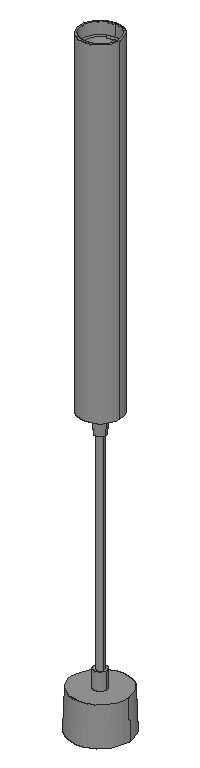
Revit family "6187", category Lighting Fixtures, host Face, Revit 2018
Family settings
  Host = Face
  Round Connector Dimension = Use Diameter
  Part Type = Normal
  OmniClass Number = 23.80.70.00
  OmniClass Title = Lighting
  Cut with Voids When Loaded = No
  Light Source = Yes
  Shared = No
  Room Calculation Point = No
Parameters (values of type "0006187 PIXO MINI PENDANT 520LM 930 MB WHT")
  spacer height = 5.965 mm
  spacer centres = 1000 mm
  cutout width = 300 mm
  Width = 296 mm
  Weight = "n/a"
  Wattage Comments = ""
  Wattage = 9.2903 W
  WarrantyStartDate [instance] = "n/a"
  WarrantyGuarantorParts = "n/a"
  WarrantyDurationUnit = "n/a"
  WarrantyDurationParts = ""
  WarrantyDescription = "http://www.sylvania-lighting.com"
  built-in parameter 1150110 = 1 (stored number, unit not read)
  Voltage = 0 V
  URL = "0.5"
  TypeName = "Pixo Mini PENDANT 520lm 930 MB WHITE"
  Type Image = <None>
  Type Comments = "n/a"
  built-in parameter 1114217 = 1 (stored number, unit not read)
  Tilt Angle = 90.00°
  built-in parameter 1150109 = 1 (stored number, unit not read)
  built-in parameter 1150134 = 3
  built-in parameter 1150113 = 1 (stored number, unit not read)
  SerialNumber [instance] = "n/a"
  Photometric Web File = "0006187.ies"
  Material_3_FEILO = none
  PowerFactor = 0
  PowerConsumption = "Lighting"
  NominalLength = 60 mm
  NominalHeight = 0 mm
  NominalDepth = 0 mm
  Name = "Pixo Mini PENDANT 520lm 930 MB WHITE"
  ModelReference = Name  # "Pixo Mini PENDANT 520lm 930 MB WHITE"
  ModelNumber = "0006187"
  Model = Name  # "Pixo Mini PENDANT 520lm 930 MB WHITE"
  Material = "Feilo Sylvania"
  ManufacturerName = "80 lm/W"
  Manufacturer = ""
  LuminousEfficacy = ""
  built-in parameter 1150105 = 109.82 (stored number, unit not read)
  Lumens = 1380 lm
  LuminaireType = "0"
  built-in parameter 1150115 = 1 (stored number, unit not read)
  LightOutputRatio = "LED"
  built-in parameter 1150137 = (empty or 0)
  built-in parameter 1150139 = (empty or 0)
  Length = 1196 mm
  LampsType = Lamp  # "n/a"
  LampNominalLuminous = "3000 K"
  LampMacAdamStep = "90"
  LampColourTemperature = "LED"
  LampColourRenderingIndex = "16500"
  built-in parameter 1150112 = 1 (stored number, unit not read)
  built-in parameter 1150114 = 1 (stored number, unit not read)
  Lamp = "n/a"
  Keynote = "n/a"
  InstallationDate [instance] = "n/a"
  InputVoltage = "0"
  InputNominalFrequency = "3000"
  built-in parameter 1150132 = (empty or 0)
  built-in parameter 1150102 = (empty or 0)
  built-in parameter 1150107 = 3200 (stored number, unit not read)
  built-in parameter 1150138 = (empty or 0)
  IngressProtection = "IfcLightFixtureType"
  ImpactProtectionIndex = "IfcLightFixtureType"
  built-in parameter 1150106 = 1.0982 (stored number, unit not read)
  IfcExportType = "IfcLightFixtureType"
  IfcExportAs = "Class I"
  Height = 51.031 mm
  ExpectedLife = 50000
  Emit from Circle Diameter = 609.6 mm
  Emit Shape Visible in Rendering = no
  ElectricShockClassification = "80"
  built-in parameter 1150104 = 13.8 (stored number, unit not read)
  DurationUnit = "hours"
  DocumentationLiterature = "http://www.sylvania-lighting.com/product/en-int/products/0006187"
  DimmingControlOptions = "n/a"
  Material_2_FEILO = none
  Dimming Lamp Color Temperature Shift = <None>
  Description = "Integrated LED pendant, Textured White - RAL9016, simple and slick integral design with no driver box and without any visible screws, ideal for retail applications, die-cast aluminium body, passive cooling heatsink. Beam angle: 40°, color temperature: 3000K , total system power: 6.5W, total fixture output: 520 lm, LOR: 100%, colour rendering: Ra: 90 typical, IR/UV free light source without heat radiation, operating voltage: 220-240V / 50-60Hz, electronic driver, non-dimmable, low LED flickerering rate (6%-20%), power factor: >0.90, electrical protection: Class I, Surface mounting ceiling rose, ingress protection rating: IP20, suitable for internal environment only, horizontal rotation: 345°, vertical tilt: 90°, dimensions: Ø41.5x350, weight: 0.469kg."
  Default Elevation = 1219.2 mm
  Cutout = 1200 mm
  CreatedOn = "06/01/2022"
  CreatedBy = "@sylvania-lighting.com"
  Cost = 0
  Color Filter = 16777215
  built-in parameter 1114216 [instance] = (empty or 0)
  ClassificationValue = "EF_70_80"
  ClassificationName = "Uniclass2015"
  Material_1_FEILO = none
  BarCode [instance] = "n/a"
  built-in parameter 1114218 = 1 (stored number, unit not read)
  built-in parameter 1150133 = 10 (stored number, unit not read)
  AssetType = "Fixed"
  AssetIdentifier [instance] = "n/a"
  Assembly Code = "D5020200"
  Apparent Load = 6.5 VA
  Material_4_FEILO = none
Reference planes
  plane 1 "Center (Front/Back)": y = 0
  plane 2: z = 0
  plane 3 "Center (Left/Right)": x = 0
  plane 4: z = 0
  plane 5: z = 51.031
  plane 6: y = 148
  plane 7: y = -148
  plane 8: x = -598
  plane 9: x = 598
  plane 10: z = 5.965
  plane 11: x = -600
  plane 12: x = 600
  plane 13: y = 150
  plane 14: y = -150
  plane 15: x = -30
  plane 16: x = 30
  plane 17: y = 30
  plane 18: y = -30
  plane 19: y = 29
  plane 20: y = -29
  plane 21: x = -29
  plane 22: x = 29
Forms (mm)
  Blend 1, solid, material "Aluminum", detail levels medium+fine
    base sketch origin (0, 0, 0) x (1, 0, 0) y (0, 1, 0)
      loop
        circle (0, 0) r 30
    top sketch origin (0, 0, 0) x (1, 0, 0) y (0, 1, 0)
      loop
        circle (0, 0) r 29
    from 0 to 40
  Extrusion 2, solid, material "Aluminum", detail levels medium+fine
    sketch origin (4.2, 0, 0) x (1, 0, 0) y (0, 1, 0)
      loop
        circle (-4.2, 0) r 6.5
    from 40 to 57
  Extrusion 3, solid, material "Aluminum", detail levels medium+fine
    sketch origin (4.2, 0, 0) x (1, 0, 0) y (0, 1, 0)
      loop
        circle (-4.2, 0) r 3.5
    from 57 to 275
  Blend 4, solid, material "Aluminum", detail levels medium+fine
    base sketch origin (4.2, 0, 0) x (1, 0, 0) y (0, 1, 0)
      loop
        circle (-4.2, 0) r 5.5
    top sketch origin (4.2, 0, 0) x (1, 0, 0) y (0, 1, 0)
      loop
        circle (-4.2, 0) r 7.5
    from 275 to 295
  Extrusion 5, solid, material "Aluminum", detail levels medium+fine
    sketch origin (4.2, 0, 0) x (1, 0, 0) y (0, 1, 0)
      loop
        circle (-4.2, 0) r 20.5
    from 295 to 645
  Extrusion 6, void
    sketch origin (4.2, 0, 0) x (0, 1, 0) y (1, 0, 0)
      loop
        circle (0, -4.2) r 19
    from -645 to -633
  Blend 7, void
    base sketch origin (4.2, 0, 0) x (0, 1, 0) y (-1, 0, 0)
      loop
        circle (0, 4.2) r 16.5
    top sketch origin (4.2, 0, 0) x (0, 1, 0) y (-1, 0, 0)
      loop
        circle (0, 4.2) r 5.5
    from 636.255 to 606.255
  Blend 8, solid, material "Glass, White, High Luminance", detail levels fine
    base sketch origin (4.2, 0, 0) x (1, 0, 0) y (0, 1, 0)
      loop
        circle (-4.2, 0) r 5.5
    top sketch origin (4.2, 0, 0) x (1, 0, 0) y (0, 1, 0)
      loop
        circle (-4.2, 0) r 5.5
    from 607.057 to 609.057
  Extrusion 9, solid, detail levels coarse
    sketch origin (4.2, 0, 0) x (1, 0, 0) y (0, 1, 0)
      loop
        line (-34.2, 30) -> (-34.2, -30) -> (25.8, -30) -> (25.8, 30) -> (-34.2, 30)
    from 0 to 645
Cuts and joins
  Extrusion 6, Blend 7 cuts Blend 1
  Extrusion 6, Blend 7 cuts Extrusion 5
Dimensions and locks
  "Width": plane 6 to plane 7
  equal spacing: plane 6, plane 1 "Center (Front/Back)", plane 7
  "Length": plane 8 to plane 9
  equal spacing: plane 8, plane 3 "Center (Left/Right)", plane 9
  "spacer height": plane 10 to host face
  "Height": plane 5 to level
  "Cutout": plane 11 to plane 12
  equal spacing: plane 11, plane 3 "Center (Left/Right)", plane 12
  "cutout width": plane 13 to plane 14
  equal spacing: plane 13, plane 1 "Center (Front/Back)", plane 14
  aligned and locked: plane 2 to host face
  aligned and locked: level to host face
Automatic sketch dimensions
  host sketch curve to host sketch curve = 2438.4 mm  (x2)
  plane 1 "Center (Front/Back)" to Blend 1 sketch curve = 0 mm  (x2)
  Blend 1 sketch curve to plane 3 "Center (Left/Right)" = 0 mm  (x2)
  plane 1 "Center (Front/Back)" to Extrusion 2 sketch curve = 0 mm
  Extrusion 2 sketch curve to plane 3 "Center (Left/Right)" = 0 mm
  plane 1 "Center (Front/Back)" to Extrusion 3 sketch curve = 0 mm
  Extrusion 3 sketch curve to plane 3 "Center (Left/Right)" = 0 mm
  plane 1 "Center (Front/Back)" to Blend 4 sketch curve = 0 mm  (x2)
  Blend 4 sketch curve to plane 3 "Center (Left/Right)" = 0 mm  (x2)
  plane 1 "Center (Front/Back)" to Extrusion 5 sketch curve = 0 mm
  Extrusion 5 sketch curve to plane 3 "Center (Left/Right)" = 0 mm
  plane 1 "Center (Front/Back)" to Extrusion 6 sketch curve = 0 mm
  Extrusion 6 sketch curve to plane 3 "Center (Left/Right)" = 0 mm
  plane 1 "Center (Front/Back)" to Blend 7 sketch curve = 0 mm  (x2)
  Blend 7 sketch curve to plane 3 "Center (Left/Right)" = 0 mm  (x2)
  plane 1 "Center (Front/Back)" to Blend 8 sketch curve = 0 mm  (x2)
  Blend 8 sketch curve to plane 3 "Center (Left/Right)" = 0 mm  (x2)
  Extrusion 9 sketch curve to plane 15 = 0 mm
  Extrusion 9 sketch curve to plane 16 = 0 mm
  Extrusion 9 sketch curve to plane 18 = 0 mm
  Extrusion 9 sketch curve to plane 17 = 0 mm
  radius of Blend 1 sketch curve = 30 mm
  radius of Blend 1 sketch curve = 29 mm
  radius of Extrusion 2 sketch curve = 6.5 mm
  radius of Extrusion 3 sketch curve = 3.5 mm
  radius of Blend 4 sketch curve = 5.5 mm
  radius of Blend 4 sketch curve = 7.5 mm
  radius of Extrusion 5 sketch curve = 20.5 mm
  radius of Extrusion 6 sketch curve = 19 mm
  radius of Blend 7 sketch curve = 16.5 mm
  radius of Blend 7 sketch curve = 5.5 mm
  radius of Blend 8 sketch curve = 5.5 mm  (x2)
Connectors
  electrical at (0, 0, 0), driven by "Apparent Load", driven by "PowerFactor", driven by "Voltage"
    settings: index 1, voltage 0 V, apparent load 6.5 VA, apparent load phase1 0 VA, apparent load phase2 0 VA, apparent load phase3 0 VA, power factor 0, load classification "Lighting", number of poles 1, system type 30, power factor state 1, is connector primary yes, connector utility no, sub classification motor no, connector description ""
